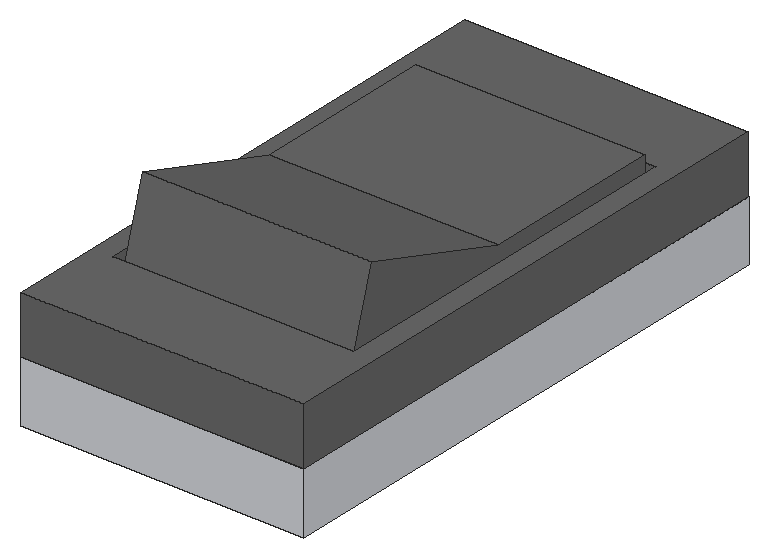
Revit family "Domotics-DomesticRanges-GEWISS-SYSTEM_PROTECTION-ONE-WAY_SWITCH_MCB", category Apparecchi elettrici, host Superficie, Revit 2016
Family settings
  Host = Superficie
  Mantenere orientamento annotazione = Sì
  Tipo di parte = Normale
  Quota connettore circolare = Usa diametro
  Taglio con vuoti quando caricato = No
  Condiviso = Sì
  Punto di calcolo locali = Sì
Parameters (values of type "GW21436 - MCB-1P+N C16 3kA 230V black")
  Voltage: = "230V ac"
  Voltage = "230V ac"
  Version file RFA = "19.4"
  URL = "https://www.gewiss.com/ww/en"
  Type: = ""
  Type = "MCB"
  Tipo_ = System Int Magnetotermico_GENERICO : NERO
  Technical sheet = "https://www.gewiss.com/ww/en/search?q=GW21436"
  Simbolo [instance] = yes
  SEO = "MCB"
  Realized by GEWISS S.p.A. = ""
  Rated current (In) = "16"
  Rated current (A) = "16"
  Default Elevation = 1219.2 mm
  Produttore = "GEWISS S.p.A."
  Offset_int [instance] = 0 mm
  Offset_bidimensionale [instance] = 2 mm
  No. SYSTEM modules = "1"
  Modello = "GW21436"
  Immagine tipo = GW21436.jpg
  IFC.TypeObject = ""
  IFC.ExportType = ""
  IFC.ExportAs = ""
  IDT = "4487cd92-e099-4eee-8f2d-522cdc942b38"
  IDF = "dfabed87-a10e-49e2-a2e4-dd19fe293aeb"
  Electrocod = "0131"
  EAN code = "8011564129160"
  Distanza_effettiva_x [instance] = 1500 mm - Distanza_x  # 1500 mm
  Distanza_x [instance] = 0 mm
  Descrizione = "MCB-1P+N C16 3KA 230V SY/BK"
  Description: = "Two-pole (1P+N)"
  Description. = "One-way switch (1P+N)"
  Curve = "C"
  Colour = "Black"
  Catalogue Range = "SYSTEM - DOMESTIC RANGE"
  Catalogue = "DOMOTICS"
  COBie.Tagnumber = ""
  COBie.CreatedOn = ""
  COBie.CreatebBy = ""
  COBie.ComponentRegisterItemID = ""
  COBie.Component.TagNumber = ""
  COBie.Component.Space = ""
  COBie.Component.SerialNumber = ""
  COBie.Component.InstallationDate = ""
  COBie.Component.Description = ""
  COBie.Component.BarCode = ""
  Breaking capacity = "3KA"
Types (15, lengths in mm): name | Type: | Tipo_ | Technical sheet | Rated current (In) | Rated current (A) | Modello | Immagine tipo | IDT | EAN code | Descrizione | Description: | Description. | Colour
  GW20431 - MCB-1P C6 3kA 230V white | "" | System Int Magnetotermico_GENERICO : BIANCO | "https://www.gewiss.com/ww/en/search?q=GW20431" | "6" | "6" | "GW20431" | GW20431.jpg | "d89559d4-408f-4446-b815-1a293f898871" | "8011564079632" | "MCB-1P C6 3KA 230V SY/WT" | "Single pole (1P)" | "One-way switch (1P)" | "White"
  GW20432 - MCB-1P C10 3kA 230V white | "" | System Int Magnetotermico_GENERICO : BIANCO | "https://www.gewiss.com/ww/en/search?q=GW20432" | "10" | "10" | "GW20432" | GW20432.jpg | "fb0520e4-bd41-4045-b51d-360f41aed3cc" | "8011564079649" | "MCB-1P C10 3KA 230V SY/WT" | "Single pole (1P)" | "One-way switch (1P)" | "White"
  GW20433 - MCB-1P C16 3kA 230V white | "" | System Int Magnetotermico_GENERICO : BIANCO | "https://www.gewiss.com/ww/en/search?q=GW20433" | "16" | "16" | "GW20433" | GW20433.jpg | "51861dbe-abbb-4965-b218-55250be32c45" | "8011564079656" | "MCB-1P C16 3KA 230V SY/WT" | "Single pole (1P)" | "One-way switch (1P)" | "White"
  GW20434 - MCB-1P+N C6 3kA 230V white | "" | System Int Magnetotermico_GENERICO : BIANCO | "https://www.gewiss.com/ww/en/search?q=GW20434" | "6" | "6" | "GW20434" | GW20434.jpg | "4eafe0ed-4a86-4939-9bea-84bf715494a5" | "8011564079663" | "MCB-1P+N C6 3KA 230V SY/WT" | "Two-pole (1P+N)" | "One-way switch (1P+N)" | "White"
  GW20435 - MCB-1P+N C10 3kA 230V white | "" | System Int Magnetotermico_GENERICO : BIANCO | "https://www.gewiss.com/ww/en/search?q=GW20435" | "10" | "10" | "GW20435" | GW20435.jpg | "77a4f368-0b37-4809-b494-08804b5fe15f" | "8011564079670" | "MCB-1P+N C10 3KA 230V SY/WT" | "Two-pole (1P+N)" | "One-way switch (1P+N)" | "White"
  GW20436 - MCB-1P+N C16 3kA 230V white | "" | System Int Magnetotermico_GENERICO : BIANCO | "https://www.gewiss.com/ww/en/search?q=GW20436" | "16" | "16" | "GW20436" | GW20436.jpg | "ba032a5d-19be-41c3-a845-ab56f63e50f1" | "8011564079687" | "MCB-1P+N C16 3KA 230V SY/WT" | "Two-pole (1P+N)" | "One-way switch (1P+N)" | "White"
  GW20454 - MCB-1P+N C6 3kA 230V red | "For allocated lines" | System Int Magnetotermico_GENERICO : ROSSO | "https://www.gewiss.com/ww/en/search?q=GW20454" | "6" | "6" | "GW20454" | GW20454.jpg | "72533398-247d-4fcc-8458-3c358ad19dc8" | "8011564126381" | "MCB-1P+N C6 3KA 230V SY/RED" | "Two-pole (1P+N)" | "One-way switch (1P)" | "Red"
  GW20455 - MCB-1P+N C10 3kA 230V red | "For allocated lines" | System Int Magnetotermico_GENERICO : ROSSO | "https://www.gewiss.com/ww/en/search?q=GW20455" | "10" | "10" | "GW20455" | GW20455.jpg | "8c006b7e-8a07-45af-9826-8d81d7ca26fd" | "8011564126398" | "MCB-1P+N C10 3KA 230V SY/RED" | "Two-pole (1P+N)" | "One-way switch (1P)" | "Red"
  GW20456 - MCB-1P+N C16 3kA 230V red | "For allocated lines" | System Int Magnetotermico_GENERICO : ROSSO | "https://www.gewiss.com/ww/en/search?q=GW20456" | "16" | "16" | "GW20456" | GW20456.jpg | "d611ee86-cd7f-40a6-9320-2cb0095504a4" | "8011564126404" | "MCB-1P+N C16 3KA 230V SY/RED" | "Two-pole (1P+N)" | "One-way switch (1P)" | "Red"
  GW21431 - MCB-1P C6 3kA 230V black | "" | System Int Magnetotermico_GENERICO : NERO | "https://www.gewiss.com/ww/en/search?q=GW21431" | "6" | "6" | "GW21431" | GW21431.jpg | "04dc3a4c-6e41-43a1-9767-b49739b331cf" | "8011564129115" | "MCB-1P C6 3KA 230V SY/BK" | "Single pole (1P)" | "One-way switch (1P)" | "Black"
  GW21432 - MCB-1P C10 3kA 230V black | "" | System Int Magnetotermico_GENERICO : NERO | "https://www.gewiss.com/ww/en/search?q=GW21432" | "10" | "10" | "GW21432" | GW21432.jpg | "b727e609-91dc-4d9e-99dc-03d47c126e6d" | "8011564129122" | "MCB-1P C10 3KA 230V SY/BK" | "Single pole (1P)" | "One-way switch (1P)" | "Black"
  GW21433 - MCB-1P C16 3kA 230V black | "" | System Int Magnetotermico_GENERICO : NERO | "https://www.gewiss.com/ww/en/search?q=GW21433" | "16" | "16" | "GW21433" | GW21433.jpg | "5fe1e784-e519-4cfa-953b-4ce0a122cc8c" | "8011564129139" | "MCB-1P C16 3KA 230V SY/BK" | "Single pole (1P)" | "One-way switch (1P)" | "Black"
  GW21434 - MCB-1P+N C6 3kA 230V black | "" | System Int Magnetotermico_GENERICO : NERO | "https://www.gewiss.com/ww/en/search?q=GW21434" | "6" | "6" | "GW21434" | GW21434.jpg | "ba18a657-5be2-4565-a376-8f34a5c0f86f" | "8011564129146" | "MCB-1P+N C6 3KA 230V SY/BK" | "Two-pole (1P+N)" | "One-way switch (1P+N)" | "Black"
  GW21435 - MCB-1P+N C10 3kA 230V black | "" | System Int Magnetotermico_GENERICO : NERO | "https://www.gewiss.com/ww/en/search?q=GW21435" | "10" | "10" | "GW21435" | GW21435.jpg | "0d7ece50-7d89-473d-9691-8954d9979a88" | "8011564129153" | "MCB-1P+N C10 3KA 230V SY/BK" | "Two-pole (1P+N)" | "One-way switch (1P+N)" | "Black"
  GW21436 - MCB-1P+N C16 3kA 230V black | "" | System Int Magnetotermico_GENERICO : NERO | "https://www.gewiss.com/ww/en/search?q=GW21436" | "16" | "16" | "GW21436" | GW21436.jpg | "4487cd92-e099-4eee-8f2d-522cdc942b38" | "8011564129160" | "MCB-1P+N C16 3KA 230V SY/BK" | "Two-pole (1P+N)" | "One-way switch (1P+N)" | "Black"
Reference planes
  plane 1 "Centro (Fronte/Retro)": y = 0
  plane 2: z = 0
  plane 3 "Centro (Sinistra/Destra)": x = 0
  plane 4: x = 0
  plane 5: x = -1500
  plane 6: z = 17
  plane 7: z = 15
  plane 8: x = -11.5
  plane 9: x = 11.5
  plane 10: x = 9.016
  plane 11: x = -8.807
  plane 12: z = 0
  plane 13: y = 22.5
  plane 14: y = -22.5
Lines and regions (mm)
  Masking region 1
    outline origin (0, 0, 0) x (0, 1, 0) y (0, 0, 1)
      loop
        line (-22.5, 15) -> (-22.5, 0) -> (22.5, 0) -> (22.5, 15) -> (-22.5, 15)
  Masking region 2
    outline origin (0, 0, 0) x (1, 0, 0) y (0, 0, 1)
      loop
        line (-11.5, 15) -> (-11.5, 0) -> (11.5, 0) -> (11.5, 15) -> (-11.5, 15)
Dimensions and locks
  "Distanza_effettiva_x": plane 5 to plane 4
  plane 5 to plane 3 "Centro (Sinistra/Destra)" = 1500 mm
  equal spacing: plane 13, plane 1 "Centro (Fronte/Retro)", plane 14
  equal spacing: plane 8, plane 3 "Centro (Sinistra/Destra)", plane 9
  "Offset_int": plane 12 to plane 2
  locked: plane 7 to plane 12 at 15
  "Offset_bidimensionale": plane 6 to plane 7
  aligned and locked: plane 2 to host face
  aligned and locked: level to host face
  aligned and locked: plane 3 "Centro (Sinistra/Destra)" to nested 1
  aligned and locked: plane 1 "Centro (Fronte/Retro)" to nested 1
  aligned and locked: plane 4 to nested 2
  aligned and locked: import instance to plane 6
  aligned and locked: Masking region 1 sketch curve to plane 13
  aligned and locked: Masking region 1 sketch curve to plane 7
  aligned and locked: plane 14 to Masking region 1 sketch curve
  aligned and locked: plane 12 to Masking region 1 sketch curve
  aligned and locked: plane 7 to nested 1
  aligned and locked: plane 12 to Masking region 2 sketch curve
  aligned and locked: Masking region 2 sketch curve to plane 9
  aligned and locked: Masking region 2 sketch curve to plane 7
  aligned and locked: plane 8 to Masking region 2 sketch curve
Automatic sketch dimensions
  host sketch curve to host sketch curve = 2438.4 mm  (x2)
Nested families
  nested 1: "System Int Magnetotermico_GENERICO" at (0, 0, 0), type <- "Tipo_", type "NERO", detail levels medium+fine
  nested 2: "SIMBOLO INTERRUTTORI" at (0, 30.28, 0), SIMBOLO <- "Simbolo", type "INAUTMAGN"
    with SIMBOLO yes, Distanza dal muro 0.5 mm, BORDO ACCESO yes
Definition of nested family "System Int Magnetotermico_GENERICO"
  Parameters (values of type "BIANCO")
    Sp_base = 5 mm  # constant formula
    Finitura System Magnetotermico = none
    Altezza da Terra = 750 mm
  Types (3): name
    BIANCO
    ROSSO
    NERO
  Reference planes
    plane 1 "Centro (Fronte/Retro)": y = 0
    plane 2: z = 0
    plane 3 "Centro (Sinistra/Destra)": x = 0
    plane 4: y = -22.5
    plane 5: y = 22.5
    plane 6: x = -9.296
    plane 7: x = 9.296
    plane 8: y = 5
    plane 9: y = 14.786
    plane 10: y = -14.786
    plane 11: y = 0
    plane 12: y = -0.901
    plane 13: y = 0.901
    plane 14: y = 15.286
    plane 15: y = -15.286
    plane 16: x = -9.796
    plane 17: x = 9.796
    plane 18: z = 5
  Forms (mm)
    Extrusion 1, solid, material <- "Finitura System Magnetotermico"
      sketch origin (0, -772.5, 15) x (1, 0, 0) y (0, 1, 0)
        loop
          line (-11.5, 795) -> (-11.5, 750) -> (11.5, 750) -> (11.5, 795) -> (-11.5, 795)
      from -5.298 to -10
    Extrusion 2, void
      sketch origin (0, -772.5, 9.702) x (1, 0, 0) y (0, 1, 0)
        loop
          line (-9.796, 787.786) -> (-9.796, 757.214) -> (9.796, 757.214) -> (9.796, 787.786) -> (-9.796, 787.786)
      from -0.901 to 0
    Extrusion 3, solid, material <- "Finitura System Magnetotermico"
      sketch origin (0, -772.5, 9.702) x (0, 0, -1) y (0, 1, 0)
        loop
          line (0.901, 787.286) -> (-0.901, 787.286) -> (-0.901, 772.5) -> (-5.298, 759.658) -> (0.901, 757.714) -> (0.901, 787.286)
      from -9.296 to 9.296
    Extrusion 4, solid
      sketch origin (0, 0, 0) x (0, 1, 0) y (0, 0, 1)
        loop
          line (-22.5, 5) -> (-22.5, 0) -> (22.5, 0) -> (22.5, 5) -> (-22.5, 5)
      from -11.5 to 11.5
  Cuts and joins
    Extrusion 2 cuts Extrusion 1
  Dimensions and locks
    equal spacing: plane 16, plane 3 "Centro (Sinistra/Destra)", plane 17, locked at 9.796 each
    "Sp_base": plane 18 to plane 2
    locked: cut or joined group of Extrusion 1, Extrusion 2 to cut or joined group of Extrusion 1, Extrusion 2 at 4.702
    locked: Extrusion 3 to cut or joined group of Extrusion 1, Extrusion 2 at 1.802
    aligned and locked: level to plane 2
    aligned and locked: Extrusion 1 sketch curve to plane 5
    aligned and locked: plane 4 to Extrusion 1 sketch curve
    aligned and locked: plane 16 to Extrusion 2 sketch curve
    aligned and locked: Extrusion 2 sketch curve to plane 15
    aligned and locked: plane 17 to Extrusion 2 sketch curve
    aligned and locked: Extrusion 2 sketch curve to plane 14
    aligned and locked: plane 6 to Extrusion 3
    aligned and locked: Extrusion 3 to plane 7
    aligned and locked: plane 9 to Extrusion 3 sketch curve
    aligned and locked: Extrusion 1 to plane 18
    aligned and locked: plane 2 to Extrusion 4 sketch curve
    aligned and locked: Extrusion 4 sketch curve to plane 5
    aligned and locked: Extrusion 4 sketch curve to plane 18
    aligned and locked: plane 4 to Extrusion 4 sketch curve
    aligned and locked: Extrusion 4 to cut or joined group of Extrusion 1, Extrusion 2  (x2)
  Automatic sketch dimensions
    Extrusion 1 sketch curve to plane 16 = 1.704 mm
    Extrusion 1 sketch curve to plane 17 = 1.704 mm
    Extrusion 3 sketch curve to plane 1 "Centro (Fronte/Retro)" = 0 mm
    Extrusion 3 sketch curve to plane 10 = 0 mm
    plane 10 to Extrusion 3 sketch curve = 1.945 mm
    level to Extrusion 3 sketch curve = 15 mm
    Extrusion 3 sketch curve to Extrusion 3 sketch curve = 4.397 mm
    Extrusion 3 sketch curve to Extrusion 3 sketch curve = 1.802 mm
Definition of nested family "SIMBOLO INTERRUTTORI"
  Parameters (values of type "INAUTMAGN")
    TIPO SIMBOLO = SIMBOLO INTERRUTTORI_BASE : INTAUTMAGN
    SIMBOLO [instance] = yes
    Distanza dal muro [instance] = 4.208 mm
    BORDO ACCESO [instance] = yes
  Types (10, lengths in mm): name | TIPO SIMBOLO
    INT1P | SIMBOLO INTERRUTTORI_BASE : INT1P
    INT1PLUM | SIMBOLO INTERRUTTORI_BASE : INT1PLUM
    INT2P | SIMBOLO INTERRUTTORI_BASE : INT2P
    INT2PLUM | SIMBOLO INTERRUTTORI_BASE : INT2PLUM
    INTCHIAVE | SIMBOLO INTERRUTTORI_BASE : INTCHIAVE
    RELE | SIMBOLO INTERRUTTORI_BASE : RELE
    RELE M | SIMBOLO INTERRUTTORI_BASE : RELE M
    RELE PP | SIMBOLO INTERRUTTORI_BASE : RELE PP
    INTAUTMAGNDIFF | SIMBOLO INTERRUTTORI_BASE : INTAUTMAGNDIFF
    INAUTMAGN | SIMBOLO INTERRUTTORI_BASE : INTAUTMAGN
  Reference planes
    plane 1: y = 0
    plane 2: x = 0
  Lines and regions (mm)
    detail lines, visible <- "BORDO ACCESO", not visible
      curve 1: line (-2.25, 0.412, 0) -> (2.25, 0.412, 0)
      curve 2: line (2.25, 0.412, 0) -> (2.25, -5.588, 0)
      curve 3: line (2.25, -5.588, 0) -> (-2.25, -5.588, 0)
      curve 4: line (-2.25, -5.588, 0) -> (-2.25, 0.412, 0)
      curve 30: line (-1.85, 0.012, 0) -> (1.85, 0.012, 0)
      curve 31: line (1.85, 0.012, 0) -> (1.85, -5.188, 0)
      curve 32: line (1.85, -5.188, 0) -> (-1.85, -5.188, 0)
      curve 33: line (-1.85, -5.188, 0) -> (-1.85, 0.012, 0)
      curve 34: line (-2.25, 6, 0) -> (2.25, 6, 0)
      curve 35: line (2.25, 6, 0) -> (2.25, 0, 0)
      curve 36: line (2.25, 0, 0) -> (-2.25, 0, 0)
      curve 37: line (-2.25, 0, 0) -> (-2.25, 6, 0)
      curve 61: line (-1.85, 5.6, 0) -> (1.85, 5.6, 0)
      curve 62: line (1.85, 5.6, 0) -> (1.85, 0.4, 0)
      curve 63: line (1.85, 0.4, 0) -> (-1.85, 0.4, 0)
      curve 64: line (-1.85, 0.4, 0) -> (-1.85, 5.6, 0)
    detail lines, not visible
      curve 5: line (-9.473, -5.588, 0) -> (10.527, -5.588, 0)
      curve 6: circle (-0.56, -0.487, 0) r 0.969 normal (0, 0, 1)
      curve 7: line (-0.005, 0.306, 0) -> (0.852, 1.529, 0)
      curve 8: line (0.852, 1.529, 0) -> (1.529, 1.047, 0)
      curve 9: circle (-0.56, -315.487, 0) r 0.969 normal (0, 0, 1)
      curve 10: line (-0.005, -314.694, 0) -> (0.852, -313.471, 0)
      curve 11: line (0.852, -313.471, 0) -> (1.529, -313.953, 0)
      curve 12: line (-1.245, -314.803, 0) -> (0.124, -316.172, 0)
      curve 13: line (0.124, -314.803, 0) -> (-1.245, -316.172, 0)
      curve 14: circle (-0.56, -480.487, 0) r 0.969 normal (0, 0, 1)
      curve 15: line (-0.005, -479.694, 0) -> (0.852, -478.471, 0)
      curve 16: line (0.852, -478.471, 0) -> (1.529, -478.953, 0)
      curve 17: line (0.493, -478.983, 0) -> (1.167, -479.462, 0)
      curve 18: circle (-0.56, -880.487, 0) r 0.969 normal (0, 0, 1)
      curve 19: line (-0.005, -879.694, 0) -> (0.852, -878.471, 0)
      curve 20: line (0.852, -878.471, 0) -> (1.529, -878.953, 0)
      curve 21: line (-1.245, -879.803, 0) -> (0.124, -881.172, 0)
      curve 22: line (0.124, -879.803, 0) -> (-1.245, -881.172, 0)
      curve 23: line (0.493, -878.983, 0) -> (1.167, -879.462, 0)
      curve 24: circle (-0.56, -365.487, 0) r 0.969 normal (0, 0, 1)
      curve 25: line (-0.005, -364.694, 0) -> (0.852, -363.471, 0)
      curve 26: line (0.852, -363.471, 0) -> (1.529, -363.953, 0)
      curve 27: line (-0.56, -364.925, 0) -> (-0.56, -366.05, 0)
      curve 28: line (0.493, -363.983, 0) -> (1.167, -364.462, 0)
      curve 29: line (0, 3.621, 0) -> (0, -16.379, 0)
      curve 38: circle (-0.56, 2.417, 0) r 0.969 normal (0, 0, 1)
      curve 39: line (-0.005, 3.21, 0) -> (0.852, 4.433, 0)
      curve 40: line (0.852, 4.433, 0) -> (1.529, 3.951, 0)
      curve 41: circle (-0.56, 2.417, 0) r 0.969 normal (0, 0, 1)
      curve 42: line (-0.005, 3.21, 0) -> (0.852, 4.433, 0)
      curve 43: line (0.852, 4.433, 0) -> (1.529, 3.951, 0)
      curve 44: line (-1.245, 3.102, 0) -> (0.124, 1.732, 0)
      curve 45: line (0.124, 3.102, 0) -> (-1.245, 1.732, 0)
      curve 46: circle (-0.56, 2.417, 0) r 0.969 normal (0, 0, 1)
      curve 47: line (-0.005, 3.21, 0) -> (0.852, 4.433, 0)
      curve 48: line (0.852, 4.433, 0) -> (1.529, 3.951, 0)
      curve 49: circle (-0.56, 2.417, 0) r 0.969 normal (0, 0, 1)
      curve 50: line (-0.005, 3.21, 0) -> (0.852, 4.433, 0)
      curve 51: line (0.852, 4.433, 0) -> (1.529, 3.951, 0)
      curve 52: line (-1.245, 3.102, 0) -> (0.124, 1.732, 0)
      curve 53: line (0.124, 3.102, 0) -> (-1.245, 1.732, 0)
      curve 54: line (0.493, 3.921, 0) -> (1.167, 3.442, 0)
      curve 55: line (0.493, 3.921, 0) -> (1.167, 3.442, 0)
      curve 56: circle (-0.56, 2.417, 0) r 0.969 normal (0, 0, 1)
      curve 57: line (-0.005, 3.21, 0) -> (0.852, 4.433, 0)
      curve 58: line (0.852, 4.433, 0) -> (1.529, 3.951, 0)
      curve 59: line (-0.56, 2.979, 0) -> (-0.56, 1.854, 0)
      curve 60: line (0.493, 3.921, 0) -> (1.167, 3.442, 0)
  Dimensions and locks
    "Distanza dal muro": plane 1 to nested 1
    aligned and locked: curve 5 to curve 3
    aligned and locked: plane 2 to nested 1
  Nested families
    nested 1: "SIMBOLO INTERRUTTORI_BASE" at (0, 4.208, 0), type <- "TIPO SIMBOLO", BORDO ACCESO <- "BORDO ACCESO", visible <- "SIMBOLO", type "INTAUTMAGN"
      with BORDO ACCESO yes
  Definition of nested family "SIMBOLO INTERRUTTORI_BASE"
    Parameters (values of type "RELE PP")
      RELE PP = yes
      RELE M = no
      RELE = yes
      INTCHIAVE = no
      INTAUTMAGNDIFF = no
      INT2PLUM = no
      INT2P = no
      INT1PLUM = no
      INT1P = no
      INATUMAGN = no
      Distanza dal muro = 4.208 mm
      BORDO ACCESO [instance] = yes
    Types (10, lengths in mm): name | RELE PP | RELE M | RELE | INTCHIAVE | INTAUTMAGNDIFF | INT2PLUM | INT2P | INT1PLUM | INT1P | INATUMAGN
      INT1P | no | no | no | no | no | no | no | no | yes | no
      INT1PLUM | no | no | no | no | no | no | no | yes | no | no
      INT2P | no | no | no | no | no | no | yes | no | no | no
      INT2PLUM | no | no | no | no | no | yes | no | no | no | no
      INTCHIAVE | no | no | no | yes | no | no | no | no | no | no
      RELE | no | no | yes | no | no | no | no | no | no | no
      RELE M | no | yes | yes | no | no | no | no | no | no | no
      RELE PP | yes | no | yes | no | no | no | no | no | no | no
      INTAUTMAGNDIFF | no | no | no | no | yes | no | no | no | no | no
      INTAUTMAGN | no | no | no | no | no | no | no | no | no | yes
    Reference planes
      plane 1: y = 0
      plane 2: x = 0
    Lines and regions (mm)
      detail lines, visible <- "BORDO ACCESO", not visible
        curve 1: line (-2.25, 0.412, 0) -> (2.25, 0.412, 0)
        curve 2: line (2.25, 0.412, 0) -> (2.25, -5.588, 0)
        curve 3: line (2.25, -5.588, 0) -> (-2.25, -5.588, 0)
        curve 4: line (-2.25, -5.588, 0) -> (-2.25, 0.412, 0)
        curve 53: line (-1.85, 0.012, 0) -> (1.85, 0.012, 0)
        curve 54: line (1.85, 0.012, 0) -> (1.85, -5.188, 0)
        curve 55: line (1.85, -5.188, 0) -> (-1.85, -5.188, 0)
        curve 56: line (-1.85, -5.188, 0) -> (-1.85, 0.012, 0)
        curve 57: line (-2.25, 6, 0) -> (2.25, 6, 0)
        curve 58: line (2.25, 6, 0) -> (2.25, 0, 0)
        curve 59: line (2.25, 0, 0) -> (-2.25, 0, 0)
        curve 60: line (-2.25, 0, 0) -> (-2.25, 6, 0)
        curve 84: line (-1.85, 5.6, 0) -> (1.85, 5.6, 0)
        curve 85: line (1.85, 5.6, 0) -> (1.85, 0.4, 0)
        curve 86: line (1.85, 0.4, 0) -> (-1.85, 0.4, 0)
        curve 87: line (-1.85, 0.4, 0) -> (-1.85, 5.6, 0)
      detail lines, not visible
        curve 5: line (-9.473, -5.588, 0) -> (10.527, -5.588, 0)
        curve 52: line (0, 3.621, 0) -> (0, -16.379, 0)
      detail lines, visible <- "INT1P"
        curve 6: circle (-0.285, 0.931, 0) r 0.531 normal (0, 0, 1)
        curve 7: line (0.02, 1.365, 0) -> (0.489, 2.035, 0)
        curve 8: line (0.489, 2.035, 0) -> (0.86, 1.771, 0)
      detail lines, visible <- "INT1P", not visible
        curve 9: circle (-0.56, -0.487, 0) r 0.969 normal (0, 0, 1)
        curve 10: line (-0.005, 0.306, 0) -> (0.852, 1.529, 0)
        curve 11: line (0.852, 1.529, 0) -> (1.529, 1.047, 0)
        curve 61: circle (-0.56, 2.417, 0) r 0.969 normal (0, 0, 1)
        curve 62: line (-0.005, 3.21, 0) -> (0.852, 4.433, 0)
        curve 63: line (0.852, 4.433, 0) -> (1.529, 3.951, 0)
        curve 112: circle (-0.285, 2.181, 0) r 0.531 normal (0, 0, 1)
        curve 113: line (0.02, 2.615, 0) -> (0.489, 3.285, 0)
        curve 114: line (0.489, 3.285, 0) -> (0.86, 3.021, 0)
      detail lines, visible <- "INT1PLUM"
        curve 12: circle (-0.285, 0.931, 0) r 0.531 normal (0, 0, 1)
        curve 13: line (0.02, 1.365, 0) -> (0.489, 2.035, 0)
        curve 14: line (0.489, 2.035, 0) -> (0.86, 1.771, 0)
        curve 15: line (-0.66, 1.306, 0) -> (0.091, 0.555, 0)
        curve 16: line (0.091, 1.306, 0) -> (-0.66, 0.555, 0)
      detail lines, visible <- "INT1PLUM", not visible
        curve 17: circle (-0.56, -315.487, 0) r 0.969 normal (0, 0, 1)
        curve 18: line (-0.005, -314.694, 0) -> (0.852, -313.471, 0)
        curve 19: line (0.852, -313.471, 0) -> (1.529, -313.953, 0)
        curve 20: line (-1.245, -314.803, 0) -> (0.124, -316.172, 0)
        curve 21: line (0.124, -314.803, 0) -> (-1.245, -316.172, 0)
        curve 64: circle (-0.56, 2.417, 0) r 0.969 normal (0, 0, 1)
        curve 65: line (-0.005, 3.21, 0) -> (0.852, 4.433, 0)
        curve 66: line (0.852, 4.433, 0) -> (1.529, 3.951, 0)
        curve 67: line (-1.245, 3.102, 0) -> (0.124, 1.732, 0)
        curve 68: line (0.124, 3.102, 0) -> (-1.245, 1.732, 0)
        curve 115: circle (-0.285, 2.181, 0) r 0.531 normal (0, 0, 1)
        curve 116: line (0.02, 2.615, 0) -> (0.489, 3.285, 0)
        curve 117: line (0.489, 3.285, 0) -> (0.86, 3.021, 0)
        curve 118: line (-0.66, 2.556, 0) -> (0.091, 1.805, 0)
        curve 119: line (0.091, 2.556, 0) -> (-0.66, 1.805, 0)
      detail lines, visible <- "INT2P"
        curve 22: circle (-0.285, 0.931, 0) r 0.531 normal (0, 0, 1)
        curve 23: line (0.02, 1.365, 0) -> (0.489, 2.035, 0)
        curve 24: line (0.489, 2.035, 0) -> (0.86, 1.771, 0)
        curve 30: line (0.293, 1.755, 0) -> (0.662, 1.492, 0)
      detail lines, visible <- "INT2PLUM"
        curve 25: circle (-0.285, 0.931, 0) r 0.531 normal (0, 0, 1)
        curve 26: line (0.02, 1.365, 0) -> (0.489, 2.035, 0)
        curve 27: line (0.489, 2.035, 0) -> (0.86, 1.771, 0)
        curve 28: line (-0.66, 1.306, 0) -> (0.091, 0.555, 0)
        curve 29: line (0.091, 1.306, 0) -> (-0.66, 0.555, 0)
        curve 31: line (0.293, 1.755, 0) -> (0.662, 1.492, 0)
      detail lines, visible <- "INT2P", not visible
        curve 32: circle (-0.56, -480.487, 0) r 0.969 normal (0, 0, 1)
        curve 33: line (-0.005, -479.694, 0) -> (0.852, -478.471, 0)
        curve 34: line (0.852, -478.471, 0) -> (1.529, -478.953, 0)
        curve 35: line (0.493, -478.983, 0) -> (1.167, -479.462, 0)
        curve 69: circle (-0.56, 2.417, 0) r 0.969 normal (0, 0, 1)
        curve 70: line (-0.005, 3.21, 0) -> (0.852, 4.433, 0)
        curve 71: line (0.852, 4.433, 0) -> (1.529, 3.951, 0)
        curve 77: line (0.493, 3.921, 0) -> (1.167, 3.442, 0)
        curve 120: circle (-0.285, 2.181, 0) r 0.531 normal (0, 0, 1)
        curve 121: line (0.02, 2.615, 0) -> (0.489, 3.285, 0)
        curve 122: line (0.489, 3.285, 0) -> (0.86, 3.021, 0)
        curve 128: line (0.293, 3.005, 0) -> (0.662, 2.742, 0)
      detail lines, visible <- "INT2PLUM", not visible
        curve 36: circle (-0.56, -880.487, 0) r 0.969 normal (0, 0, 1)
        curve 37: line (-0.005, -879.694, 0) -> (0.852, -878.471, 0)
        curve 38: line (0.852, -878.471, 0) -> (1.529, -878.953, 0)
        curve 39: line (-1.245, -879.803, 0) -> (0.124, -881.172, 0)
        curve 40: line (0.124, -879.803, 0) -> (-1.245, -881.172, 0)
        curve 41: line (0.493, -878.983, 0) -> (1.167, -879.462, 0)
        curve 72: circle (-0.56, 2.417, 0) r 0.969 normal (0, 0, 1)
        curve 73: line (-0.005, 3.21, 0) -> (0.852, 4.433, 0)
        curve 74: line (0.852, 4.433, 0) -> (1.529, 3.951, 0)
        curve 75: line (-1.245, 3.102, 0) -> (0.124, 1.732, 0)
        curve 76: line (0.124, 3.102, 0) -> (-1.245, 1.732, 0)
        curve 78: line (0.493, 3.921, 0) -> (1.167, 3.442, 0)
        curve 123: circle (-0.285, 2.181, 0) r 0.531 normal (0, 0, 1)
        curve 124: line (0.02, 2.615, 0) -> (0.489, 3.285, 0)
        curve 125: line (0.489, 3.285, 0) -> (0.86, 3.021, 0)
        curve 126: line (-0.66, 2.556, 0) -> (0.091, 1.805, 0)
        curve 127: line (0.091, 2.556, 0) -> (-0.66, 1.805, 0)
        curve 129: line (0.293, 3.005, 0) -> (0.662, 2.742, 0)
      detail lines, visible <- "INTCHIAVE"
        curve 42: circle (-0.285, 0.931, 0) r 0.531 normal (0, 0, 1)
        curve 43: line (0.02, 1.365, 0) -> (0.489, 2.035, 0)
        curve 44: line (0.489, 2.035, 0) -> (0.86, 1.771, 0)
        curve 45: line (-0.285, 1.25, 0) -> (-0.285, 0.622, 0)
        curve 46: line (0.293, 1.755, 0) -> (0.662, 1.492, 0)
      detail lines, visible <- "INTCHIAVE", not visible
        curve 47: circle (-0.56, -365.487, 0) r 0.969 normal (0, 0, 1)
        curve 48: line (-0.005, -364.694, 0) -> (0.852, -363.471, 0)
        curve 49: line (0.852, -363.471, 0) -> (1.529, -363.953, 0)
        curve 50: line (-0.56, -364.925, 0) -> (-0.56, -366.05, 0)
        curve 51: line (0.493, -363.983, 0) -> (1.167, -364.462, 0)
        curve 79: circle (-0.56, 2.417, 0) r 0.969 normal (0, 0, 1)
        curve 80: line (-0.005, 3.21, 0) -> (0.852, 4.433, 0)
        curve 81: line (0.852, 4.433, 0) -> (1.529, 3.951, 0)
        curve 82: line (-0.56, 2.979, 0) -> (-0.56, 1.854, 0)
        curve 83: line (0.493, 3.921, 0) -> (1.167, 3.442, 0)
        curve 130: circle (-0.285, 2.181, 0) r 0.531 normal (0, 0, 1)
        curve 131: line (0.02, 2.615, 0) -> (0.489, 3.285, 0)
        curve 132: line (0.489, 3.285, 0) -> (0.86, 3.021, 0)
        curve 133: line (-0.285, 2.5, 0) -> (-0.285, 1.872, 0)
        curve 134: line (0.293, 3.005, 0) -> (0.662, 2.742, 0)
      detail lines, visible <- "RELE"
        curve 88: line (-0.795, 1.705, 0) -> (0.795, 1.705, 0)
        curve 89: line (-0.795, 0.796, 0) -> (-0.795, 1.705, 0)
        curve 90: line (0.795, 0.796, 0) -> (-0.795, 0.796, 0)
        curve 91: line (0.795, 1.705, 0) -> (0.795, 0.796, 0)
        curve 92: line (0, 1.705, 0) -> (0, 2.027, 0)
        curve 93: line (0, 0.796, 0) -> (0, 0.483, 0)
      detail lines, visible <- "RELE M"
        curve 94: line (0.29, 1.606, 0) -> (-0.29, 0.891, 0)
        curve 95: line (0.29, 1.606, 0) -> (0.501, 1.606, 0)
        curve 96: line (-0.29, 0.891, 0) -> (-0.511, 0.891, 0)
      detail lines, visible <- "RELE PP"
        curve 97: line (0, 1.606, 0) -> (0, 0.891, 0)
        curve 98: line (-0.245, 0.891, 0) -> (0, 0.891, 0)
        curve 99: line (0.189, 1.606, 0) -> (0, 1.606, 0)
      detail lines, visible <- "RELE", not visible
        curve 100: line (-1.85, -1.48, 0) -> (1.053, -1.48, 0)
        curve 101: line (-1.85, -3.139, 0) -> (-1.85, -1.48, 0)
        curve 102: line (1.053, -3.139, 0) -> (-1.85, -3.139, 0)
        curve 103: line (1.053, -1.48, 0) -> (1.053, -3.139, 0)
        curve 104: line (-0.399, -1.48, 0) -> (-0.399, -0.893, 0)
        curve 105: line (-0.399, -3.139, 0) -> (-0.399, -3.727, 0)
        curve 135: line (-0.795, 2.955, 0) -> (0.795, 2.955, 0)
        curve 136: line (-0.795, 2.046, 0) -> (-0.795, 2.955, 0)
        curve 137: line (0.795, 2.046, 0) -> (-0.795, 2.046, 0)
        curve 138: line (0.795, 2.955, 0) -> (0.795, 2.046, 0)
        curve 139: line (0, 2.955, 0) -> (0, 3.277, 0)
        curve 140: line (0, 2.046, 0) -> (0, 1.733, 0)
      detail lines, visible <- "RELE M", not visible
        curve 106: line (0.13, -1.659, 0) -> (-0.927, -2.964, 0)
        curve 107: line (0.13, -1.659, 0) -> (0.544, -1.659, 0)
        curve 108: line (-0.927, -2.964, 0) -> (-1.341, -2.964, 0)
        curve 141: line (0.29, 2.856, 0) -> (-0.29, 2.141, 0)
        curve 142: line (0.29, 2.856, 0) -> (0.501, 2.856, 0)
        curve 143: line (-0.29, 2.141, 0) -> (-0.511, 2.141, 0)
      detail lines, visible <- "RELE PP", not visible
        curve 109: line (-0.399, -1.659, 0) -> (-0.399, -2.964, 0)
        curve 110: line (-0.799, -2.964, 0) -> (-0.399, -2.964, 0)
        curve 111: line (0.001, -1.659, 0) -> (-0.399, -1.659, 0)
        curve 144: line (0, 2.856, 0) -> (0, 2.141, 0)
        curve 145: line (-0.245, 2.141, 0) -> (0, 2.141, 0)
        curve 146: line (0.189, 2.856, 0) -> (0, 2.856, 0)
    Dimensions and locks
      aligned and locked: curve 5 to curve 3
